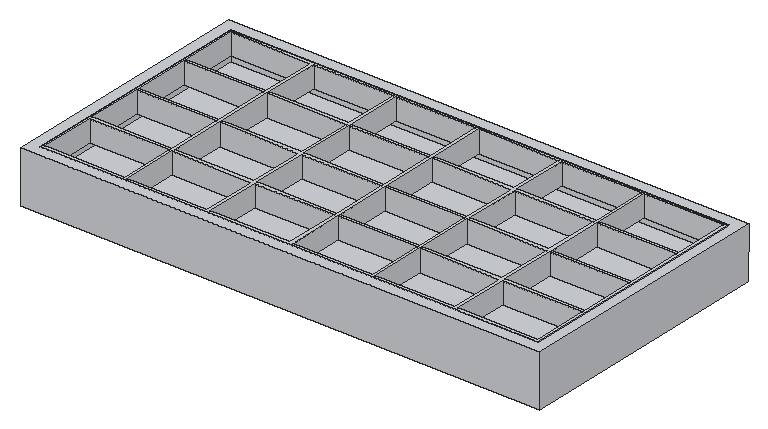
Revit family "46e074061e3e457b95179137369ba08b", category Lighting Fixtures, host Face, Revit 2021
Family settings
  Host = Face
  Round Connector Dimension = Use Diameter
  Part Type = Normal
  OmniClass Number = 23.80.70.11.14.17
  OmniClass Title = Direct/Indirect
  Seek Item ID = Recessed Parabolic Light-0000-USA-ENU
  Cut with Voids When Loaded = No
  Light Source = Yes
  Shared = No
  Room Calculation Point = No
Parameters (values of type "2'x4'(4 Lamp) - 277V")
  visible5 = yes
  visible4 = no
  visible3 = no
  visible2 = no
  visible1 = no
  Wattage = 128 W
  built-in parameter 1150110 = 1 (stored number, unit not read)
  built-in parameter 1150109 = 1 (stored number, unit not read)
  built-in parameter 1150134 = 8
  built-in parameter 1150113 = 1 (stored number, unit not read)
  Tilt Angle = -90.00°
  Lumens = 11399.7 lm
  built-in parameter 1150115 = 1 (stored number, unit not read)
  built-in parameter 1150105 = 907.16 (stored number, unit not read)
  Load Classification = Lighting - Dwelling Unit
  Light Width = 2' - 0"
  built-in parameter 1114217 = 0.88 (stored number, unit not read)
  built-in parameter 1150137 = 1
  built-in parameter 1150139 = (empty or 0)
  Light Length = 4' - 0"
  Light Height = 0' - 4 13/16"
  Light Box Material = none
  Length1 = Light Length / 2  # 2' - 0"
  built-in parameter 1150112 = 1 (stored number, unit not read)
  built-in parameter 1150114 = 1 (stored number, unit not read)
  Lamp = "T8"
  Photometric Web File = "RPL244T8.ies"
  built-in parameter 1150132 = (empty or 0)
  built-in parameter 1150102 = (empty or 0)
  built-in parameter 1150138 = (empty or 0)
  built-in parameter 1150107 = 4230 (stored number, unit not read)
  built-in parameter 1150106 = 9.0716 (stored number, unit not read)
  Grid Material = none
  Emit from Rectangle Width = Light Width - 0' 2"  # 1' - 10"
  Emit from Rectangle Length = Light Length - 0' 2"  # 3' - 10"
  Emit Shape Visible in Rendering = no
  built-in parameter 1150104 = 8.2739 (stored number, unit not read)
  Dimming Lamp Color Temperature Shift = <None>
  Diffuser Material = none
  Default Elevation = 4' - 0"
  Color Filter = 16777215
  built-in parameter 1140040 [instance] = 1
  Ballast Voltage = 277 V
  Ballast Number of Poles = 1
  built-in parameter 1114218 = 0.88 (stored number, unit not read)
  built-in parameter 1150133 = 10 (stored number, unit not read)
  Assembly Code = ""
  Apparent Load = 128 VA
Types (10): name | visible5 | visible4 | visible3 | visible2 | visible1 | Wattage | Lumens | built-in parameter 1150105 | built-in parameter 1114217 | Light Length | Length1 | Lamp | Photometric Web File | built-in parameter 1150106 | Emit from Rectangle Length | built-in parameter 1150104 | Ballast Voltage | built-in parameter 1114218 | Apparent Load
  2'x2'(2 Lamp) - 120V | no | no | no | no | yes | 80 W | 3150.4 lm | 250.7 (stored number, unit not read) | 0.88 (stored number, unit not read) | 2' - 0" | 1' - 0" | "T5" | "RPL222T5.ies" | 2.507 (stored number, unit not read) | 1' - 10" | 3.6585 (stored number, unit not read) | 120 V | 0.88 (stored number, unit not read) | 80 VA
  2'x2'(2 Lamp) - 277V | no | no | no | no | yes | 80 W | 3150.4 lm | 250.7 (stored number, unit not read) | 0.88 (stored number, unit not read) | 2' - 0" | 1' - 0" | "T5" | "RPL222T5.ies" | 2.507 (stored number, unit not read) | 1' - 10" | 3.6585 (stored number, unit not read) | 277 V | 0.88 (stored number, unit not read) | 80 VA
  2'x2'(3 Lamp) - 120V | no | no | no | yes | no | 93 W | 8399.76 lm | 668.43 (stored number, unit not read) | 0.85 (stored number, unit not read) | 2' - 0" | 1' - 0" | "T8" | "RPL223T8.ies" | 6.6843 (stored number, unit not read) | 1' - 10" | 8.391 (stored number, unit not read) | 120 V | 0.85 (stored number, unit not read) | 93 VA
  2'x2'(3 Lamp) - 277V | no | no | no | yes | no | 93 W | 8399.76 lm | 668.43 (stored number, unit not read) | 0.85 (stored number, unit not read) | 2' - 0" | 1' - 0" | "T8" | "RPL223T8.ies" | 6.6843 (stored number, unit not read) | 1' - 10" | 8.391 (stored number, unit not read) | 277 V | 0.85 (stored number, unit not read) | 93 VA
  2'x4'(2 Lamp) - 120V | no | no | yes | no | no | 64 W | 5699.84 lm | 453.58 (stored number, unit not read) | 0.88 (stored number, unit not read) | 4' - 0" | 2' - 0" | "T8" | "RPL242T8.ies" | 4.5358 (stored number, unit not read) | 3' - 10" | 8.2739 (stored number, unit not read) | 120 V | 0.88 (stored number, unit not read) | 64 VA
  2'x4'(2 Lamp) - 277V | no | no | yes | no | no | 64 W | 5699.84 lm | 453.58 (stored number, unit not read) | 0.88 (stored number, unit not read) | 4' - 0" | 2' - 0" | "T8" | "RPL242T8.ies" | 4.5358 (stored number, unit not read) | 3' - 10" | 8.2739 (stored number, unit not read) | 277 V | 0.88 (stored number, unit not read) | 64 VA
  2'x4'(3 Lamp) - 120V | no | yes | no | no | no | 96 W | 8549.76 lm | 680.37 (stored number, unit not read) | 0.88 (stored number, unit not read) | 4' - 0" | 2' - 0" | "T8" | "RPL243T8.ies" | 6.8037 (stored number, unit not read) | 3' - 10" | 8.2739 (stored number, unit not read) | 120 V | 0.88 (stored number, unit not read) | 96 VA
  2'x4'(3 Lamp) - 277V | no | yes | no | no | no | 96 W | 8549.76 lm | 680.37 (stored number, unit not read) | 0.88 (stored number, unit not read) | 4' - 0" | 2' - 0" | "T8" | "RPL243T8.ies" | 6.8037 (stored number, unit not read) | 3' - 10" | 8.2739 (stored number, unit not read) | 277 V | 0.88 (stored number, unit not read) | 96 VA
  2'x4'(4 Lamp) - 120V | yes | no | no | no | no | 128 W | 11399.7 lm | 907.16 (stored number, unit not read) | 0.88 (stored number, unit not read) | 4' - 0" | 2' - 0" | "T8" | "RPL244T8.ies" | 9.0716 (stored number, unit not read) | 3' - 10" | 8.2739 (stored number, unit not read) | 120 V | 0.88 (stored number, unit not read) | 128 VA
  2'x4'(4 Lamp) - 277V | yes | no | no | no | no | 128 W | 11399.7 lm | 907.16 (stored number, unit not read) | 0.88 (stored number, unit not read) | 4' - 0" | 2' - 0" | "T8" | "RPL244T8.ies" | 9.0716 (stored number, unit not read) | 3' - 10" | 8.2739 (stored number, unit not read) | 277 V | 0.88 (stored number, unit not read) | 128 VA
Reference planes (in)
  plane 1 "Center (Front/Back)": y = 0
  plane 2: z = 0
  plane 3 "Center (Left/Right)": x = 0
  plane 4: y = -24
  plane 5: x = 24
  plane 6: x = -24
  plane 7: z = -4.8125
  plane 8: x = -23
  plane 9: x = 23
  plane 10: y = -23
  plane 11: y = -1
  plane 12: z = -3.3125
  plane 13: z = -2.875
  plane 14: z = -2.625
  plane 15: z = -2
  plane 16: y = -12
  plane 17: y = -1.25
  plane 18: y = -22.75
  plane 19: y = -11.875
  plane 20: y = -12.125
  plane 21: x = -7.75
  plane 22: x = 7.5
  plane 23: x = -22.75
  plane 24: x = 22.75
  plane 25: x = -7.5
  plane 26: x = 7.75
  plane 27: y = -8.25
  plane 28: y = -15.5
  plane 29: y = -8.5
  plane 30: y = -15.75
  plane 31: x = -15.375
  plane 32: x = 15.125
  plane 33: x = -0.125
  plane 34: x = 0.125
  plane 35: x = -15.125
  plane 36: x = 15.375
  plane 37: y = -6.4375
  plane 38: y = -17.3125
  plane 39: y = -6.6875
  plane 40: y = -17.5625
Forms (in)
  Extrusion 1, void
    sketch origin (0, 0, 0) x (1, 0, 0) y (0, 1, 0)
      loop
        line (-24, 0) -> (-24, -24) -> (24, -24) -> (24, 0) -> (-24, 0)
    from -4.8125 to 0
  Extrusion 2, solid, material <- "Light Box Material"
    sketch origin (0, 0, 0) x (1, 0, 0) y (0, 1, 0)
      loop
        line (-24, 0) -> (-24, -24) -> (24, -24) -> (24, 0) -> (-24, 0)
      loop
        line (-23, -1) -> (-23, -23) -> (23, -23) -> (23, -1) -> (-23, -1)
    from -4.8125 to 0
  Extrusion 3, solid, material <- "Light Box Material"
    sketch origin (0, 0, 0) x (0, 1, 0) y (0, 0, 1)
      loop
        line (0, -4.8125) -> (0, 0) -> (-1, 0) -> (-1, -3.3125) -> (-23, -3.3125) -> (-23, 0) -> (-24, 0) -> (-24, -4.8125) -> (0, -4.8125)
    from -24 to 24
  Extrusion 4, solid, material <- "Diffuser Material"
    sketch origin (0, 0, 0) x (0, 1, 0) y (0, 0, 1)
      loop
        line (-1, -2.625) -> (-23, -2.625) -> (-23, -2.875) -> (-1, -2.875) -> (-1, -2.625)
    from -23 to 23
  Extrusion 5, solid, material <- "Grid Material", visible <- "visible1"
    sketch origin (0, 0, 0) x (0, 1, 0) y (0, 0, 1)
      loop
        line (-1, 0) -> (-1.25, 0) -> (-1.25, -2) -> (-1, -2) -> (-1, 0)
      loop
        line (-11.875, 0) -> (-12.125, 0) -> (-12.125, -2) -> (-11.875, -2) -> (-11.875, 0)
      loop
        line (-22.75, 0) -> (-23, 0) -> (-23, -2) -> (-22.75, -2) -> (-22.75, 0)
    from -23 to 23
  Extrusion 6, solid, material <- "Grid Material", visible <- "visible1"
    sketch origin (0, 0, 0) x (1, 0, 0) y (0, 0, 1)
      loop
        line (-23, 0) -> (-23, -2) -> (-22.75, -2) -> (-22.75, 0) -> (-23, 0)
      loop
        line (-7.75, 0) -> (-7.75, -2) -> (-7.5, -2) -> (-7.5, 0) -> (-7.75, 0)
      loop
        line (7.5, 0) -> (7.5, -2) -> (7.75, -2) -> (7.75, 0) -> (7.5, 0)
      loop
        line (22.75, 0) -> (22.75, -2) -> (23, -2) -> (23, 0) -> (22.75, 0)
    from 1 to 23
  Extrusion 7, solid, material <- "Grid Material", visible <- "visible2"
    sketch origin (0, 0, 0) x (1, 0, 0) y (0, 0, 1)
      loop
        line (-23, 0) -> (-23, -2) -> (-22.75, -2) -> (-22.75, 0) -> (-23, 0)
      loop
        line (-7.75, 0) -> (-7.75, -2) -> (-7.5, -2) -> (-7.5, 0) -> (-7.75, 0)
      loop
        line (7.5, 0) -> (7.5, -2) -> (7.75, -2) -> (7.75, 0) -> (7.5, 0)
      loop
        line (22.75, 0) -> (22.75, -2) -> (23, -2) -> (23, 0) -> (22.75, 0)
    from 1 to 23
  Extrusion 8, solid, material <- "Grid Material", visible <- "visible2"
    sketch origin (0, 0, 0) x (0, 1, 0) y (0, 0, 1)
      loop
        line (-1, 0) -> (-1.25, 0) -> (-1.25, -2) -> (-1, -2) -> (-1, 0)
      loop
        line (-8.25, 0) -> (-8.5, 0) -> (-8.5, -2) -> (-8.25, -2) -> (-8.25, 0)
      loop
        line (-15.5, 0) -> (-15.75, 0) -> (-15.75, -2) -> (-15.5, -2) -> (-15.5, 0)
      loop
        line (-22.75, 0) -> (-23, 0) -> (-23, -2) -> (-22.75, -2) -> (-22.75, 0)
    from -23 to 23
  Extrusion 9, solid, material <- "Grid Material", visible <- "visible3"
    sketch origin (0, 0, 0) x (1, 0, 0) y (0, 0, 1)
      loop
        line (-23, 0) -> (-23, -2) -> (-22.75, -2) -> (-22.75, 0) -> (-23, 0)
      loop
        line (-15.375, 0) -> (-15.375, -2) -> (-15.125, -2) -> (-15.125, 0) -> (-15.375, 0)
      loop
        line (-7.75, 0) -> (-7.75, -2) -> (-7.5, -2) -> (-7.5, 0) -> (-7.75, 0)
      loop
        line (-0.125, 0) -> (-0.125, -2) -> (0.125, -2) -> (0.125, 0) -> (-0.125, 0)
      loop
        line (7.5, 0) -> (7.5, -2) -> (7.75, -2) -> (7.75, 0) -> (7.5, 0)
      loop
        line (15.125, 0) -> (15.125, -2) -> (15.375, -2) -> (15.375, 0) -> (15.125, 0)
      loop
        line (22.75, 0) -> (22.75, -2) -> (23, -2) -> (23, 0) -> (22.75, 0)
    from 1 to 23
  Extrusion 10, solid, material <- "Grid Material", visible <- "visible3"
    sketch origin (0, 0, 0) x (0, 1, 0) y (0, 0, 1)
      loop
        line (-1, 0) -> (-1.25, 0) -> (-1.25, -2) -> (-1, -2) -> (-1, 0)
      loop
        line (-11.875, 0) -> (-12.125, 0) -> (-12.125, -2) -> (-11.875, -2) -> (-11.875, 0)
      loop
        line (-22.75, 0) -> (-23, 0) -> (-23, -2) -> (-22.75, -2) -> (-22.75, 0)
    from -23 to 23
  Extrusion 11, solid, material <- "Grid Material", visible <- "visible4"
    sketch origin (0, 0, 0) x (1, 0, 0) y (0, 0, 1)
      loop
        line (-23, 0) -> (-23, -2) -> (-22.75, -2) -> (-22.75, 0) -> (-23, 0)
      loop
        line (-15.375, 0) -> (-15.375, -2) -> (-15.125, -2) -> (-15.125, 0) -> (-15.375, 0)
      loop
        line (-7.75, 0) -> (-7.75, -2) -> (-7.5, -2) -> (-7.5, 0) -> (-7.75, 0)
      loop
        line (-0.125, 0) -> (-0.125, -2) -> (0.125, -2) -> (0.125, 0) -> (-0.125, 0)
      loop
        line (7.5, 0) -> (7.5, -2) -> (7.75, -2) -> (7.75, 0) -> (7.5, 0)
      loop
        line (15.125, 0) -> (15.125, -2) -> (15.375, -2) -> (15.375, 0) -> (15.125, 0)
      loop
        line (22.75, 0) -> (22.75, -2) -> (23, -2) -> (23, 0) -> (22.75, 0)
    from 1 to 23
  Extrusion 12, solid, material <- "Grid Material", visible <- "visible4"
    sketch origin (0, 0, 0) x (0, 1, 0) y (0, 0, 1)
      loop
        line (-1, 0) -> (-1.25, 0) -> (-1.25, -2) -> (-1, -2) -> (-1, 0)
      loop
        line (-8.25, 0) -> (-8.5, 0) -> (-8.5, -2) -> (-8.25, -2) -> (-8.25, 0)
      loop
        line (-15.5, 0) -> (-15.75, 0) -> (-15.75, -2) -> (-15.5, -2) -> (-15.5, 0)
      loop
        line (-22.75, 0) -> (-23, 0) -> (-23, -2) -> (-22.75, -2) -> (-22.75, 0)
    from -23 to 23
  Extrusion 13, solid, material <- "Grid Material", visible <- "visible5"
    sketch origin (0, 0, 0) x (1, 0, 0) y (0, 0, 1)
      loop
        line (-23, 0) -> (-23, -2) -> (-22.75, -2) -> (-22.75, 0) -> (-23, 0)
      loop
        line (-15.375, 0) -> (-15.375, -2) -> (-15.125, -2) -> (-15.125, 0) -> (-15.375, 0)
      loop
        line (-7.75, 0) -> (-7.75, -2) -> (-7.5, -2) -> (-7.5, 0) -> (-7.75, 0)
      loop
        line (-0.125, 0) -> (-0.125, -2) -> (0.125, -2) -> (0.125, 0) -> (-0.125, 0)
      loop
        line (7.5, 0) -> (7.5, -2) -> (7.75, -2) -> (7.75, 0) -> (7.5, 0)
      loop
        line (15.125, 0) -> (15.125, -2) -> (15.375, -2) -> (15.375, 0) -> (15.125, 0)
      loop
        line (22.75, 0) -> (22.75, -2) -> (23, -2) -> (23, 0) -> (22.75, 0)
    from 1 to 23
  Extrusion 14, solid, material <- "Grid Material", visible <- "visible5"
    sketch origin (0, 0, 0) x (0, 1, 0) y (0, 0, 1)
      loop
        line (-1, 0) -> (-1.25, 0) -> (-1.25, -2) -> (-1, -2) -> (-1, 0)
      loop
        line (-6.4375, 0) -> (-6.6875, 0) -> (-6.6875, -2) -> (-6.4375, -2) -> (-6.4375, 0)
      loop
        line (-11.875, 0) -> (-12.125, 0) -> (-12.125, -2) -> (-11.875, -2) -> (-11.875, 0)
      loop
        line (-17.3125, 0) -> (-17.5625, 0) -> (-17.5625, -2) -> (-17.3125, -2) -> (-17.3125, 0)
      loop
        line (-22.75, 0) -> (-23, 0) -> (-23, -2) -> (-22.75, -2) -> (-22.75, 0)
    from -23 to 23
Cuts and joins
  joined: Extrusion 2, Extrusion 3
  joined: Extrusion 5, Extrusion 6
  joined: Extrusion 7, Extrusion 8
  joined: Extrusion 9, Extrusion 10
  joined: Extrusion 11, Extrusion 12
  joined: Extrusion 13, Extrusion 14
Lines and regions (in)
  symbolic lines
    curve 1: line (-24, 0, 0) -> (24, 0, 0)
    curve 2: line (-24, -24, 0) -> (-24, 0, 0)
    curve 3: line (24, -24, 0) -> (-24, -24, 0)
    curve 4: line (24, 0, 0) -> (24, -24, 0)
  symbolic lines, detail levels coarse+medium
    curve 5: line (-24, 0, 0) -> (24, -24, 0)
Dimensions and locks (in)
  "Length1": plane 6 to plane 3 "Center (Left/Right)"
  "Light Length": plane 6 to plane 5
  "Light Width": plane 1 "Center (Front/Back)" to plane 4
  "Light Height": plane 2 to plane 7
  locked: plane 6 to plane 8 at 1
  locked: plane 9 to plane 5 at 1
  locked: plane 1 "Center (Front/Back)" to plane 11 at 1
  locked: plane 10 to plane 4 at 1
  locked: plane 12 to plane 7 at 1.5
  locked: plane 14 to plane 13 at 0.25
  locked: plane 2 to plane 15 at 2
  equal spacing: plane 11, plane 16, plane 10
  locked: plane 11 to plane 17 at 0.25
  locked: plane 18 to plane 10 at 0.25
  locked: plane 19 to plane 16 at 0.125
  locked: plane 16 to plane 20 at 0.125
  locked: plane 23 to plane 8 at 0.25
  locked: plane 9 to plane 24 at 0.25
  locked: plane 25 to plane 21 at 0.25
  locked: plane 26 to plane 22 at 0.25
  equal spacing: plane 24, plane 22, plane 21, plane 8
  equal spacing: plane 11, plane 27, plane 28, plane 18
  locked: plane 27 to plane 29 at 0.25
  locked: plane 28 to plane 30 at 0.25
  locked: plane 3 "Center (Left/Right)" to plane 33 at 0.125
  locked: plane 34 to plane 3 "Center (Left/Right)" at 0.125
  equal spacing: plane 21, plane 31, plane 8
  equal spacing: plane 24, plane 32, plane 22
  locked: plane 35 to plane 31 at 0.25
  locked: plane 36 to plane 32 at 0.25
  equal spacing: plane 11, plane 37, plane 19
  equal spacing: plane 19, plane 38, plane 18
  locked: plane 37 to plane 39 at 0.25
  locked: plane 38 to plane 40 at 0.25
  aligned and locked: plane 2 to host face
  aligned and locked: level to host face
  aligned and locked: plane 6 to Extrusion 1 sketch curve
  aligned and locked: plane 1 "Center (Front/Back)" to Extrusion 1 sketch curve
  aligned and locked: plane 4 to Extrusion 1 sketch curve
  aligned and locked: Extrusion 1 sketch curve to plane 5
  aligned and locked: Extrusion 1 to plane 7
  aligned and locked: level to Extrusion 1
  aligned and locked: plane 6 to Extrusion 2 sketch curve
  aligned and locked: plane 1 "Center (Front/Back)" to Extrusion 2 sketch curve
  aligned and locked: plane 4 to Extrusion 2 sketch curve
  aligned and locked: Extrusion 2 sketch curve to plane 5
  aligned and locked: plane 8 to Extrusion 2 sketch curve
  aligned and locked: Extrusion 2 sketch curve to plane 11
  aligned and locked: plane 10 to Extrusion 2 sketch curve
  aligned and locked: Extrusion 2 sketch curve to plane 9
  aligned and locked: Extrusion 2 to plane 7
  aligned and locked: plane 2 to Extrusion 2
  aligned and locked: plane 7 to Extrusion 3 sketch curve
  aligned and locked: Extrusion 3 sketch curve to plane 4
  aligned and locked: plane 12 to Extrusion 3 sketch curve
  aligned and locked: Extrusion 3 sketch curve to plane 10
  aligned and locked: Extrusion 3 sketch curve to plane 2  (x2)
  aligned and locked: Extrusion 3 to plane 6
  aligned and locked: plane 5 to Extrusion 3
  aligned and locked: plane 11 to Extrusion 4 sketch curve
  aligned and locked: plane 14 to Extrusion 4 sketch curve
  aligned and locked: plane 13 to Extrusion 4 sketch curve
  aligned and locked: Extrusion 4 sketch curve to plane 10
  aligned and locked: Extrusion 4 to plane 8
  aligned and locked: plane 9 to Extrusion 4
  aligned and locked: plane 6 to curve 1
  aligned and locked: plane 1 "Center (Front/Back)" to curve 1
  aligned and locked: plane 4 to curve 4
  aligned and locked: curve 4 to plane 5
  aligned and locked: Extrusion 5 sketch curve to plane 11
  aligned and locked: Extrusion 5 sketch curve to plane 17
  aligned and locked: Extrusion 5 sketch curve to plane 19
  aligned and locked: Extrusion 5 sketch curve to plane 20
  aligned and locked: plane 18 to Extrusion 5 sketch curve
  aligned and locked: plane 10 to Extrusion 5 sketch curve
  aligned and locked: Extrusion 5 sketch curve to plane 2  (x3)
  aligned and locked: plane 15 to Extrusion 5 sketch curve  (x3)
  aligned and locked: Extrusion 5 to plane 8
  aligned and locked: plane 9 to Extrusion 5
  aligned and locked: plane 8 to Extrusion 6 sketch curve
  aligned and locked: Extrusion 6 sketch curve to plane 23
  aligned and locked: plane 21 to Extrusion 6 sketch curve
  aligned and locked: Extrusion 6 sketch curve to plane 25
  aligned and locked: plane 22 to Extrusion 6 sketch curve
  aligned and locked: Extrusion 6 sketch curve to plane 26
  aligned and locked: plane 24 to Extrusion 6 sketch curve
  aligned and locked: Extrusion 6 sketch curve to plane 9
  aligned and locked: Extrusion 6 sketch curve to plane 2  (x4)
  aligned and locked: plane 15 to Extrusion 6 sketch curve  (x4)
  aligned and locked: plane 11 to Extrusion 6
  aligned and locked: Extrusion 6 to plane 10
  aligned and locked: plane 8 to Extrusion 7 sketch curve
  aligned and locked: Extrusion 7 sketch curve to plane 23
  aligned and locked: plane 21 to Extrusion 7 sketch curve
  aligned and locked: Extrusion 7 sketch curve to plane 25
  aligned and locked: plane 22 to Extrusion 7 sketch curve
  aligned and locked: Extrusion 7 sketch curve to plane 26
  aligned and locked: plane 24 to Extrusion 7 sketch curve
  aligned and locked: Extrusion 7 sketch curve to plane 9
  aligned and locked: plane 15 to Extrusion 7 sketch curve  (x4)
  aligned and locked: Extrusion 7 sketch curve to plane 2  (x3)
  aligned and locked: plane 11 to Extrusion 7
  aligned and locked: Extrusion 7 to plane 10
  aligned and locked: Extrusion 8 sketch curve to plane 11
  aligned and locked: Extrusion 8 sketch curve to plane 17
  aligned and locked: plane 27 to Extrusion 8 sketch curve
  aligned and locked: Extrusion 8 sketch curve to plane 29
  aligned and locked: plane 28 to Extrusion 8 sketch curve
  aligned and locked: Extrusion 8 sketch curve to plane 30
  aligned and locked: plane 18 to Extrusion 8 sketch curve
  aligned and locked: plane 10 to Extrusion 8 sketch curve
  aligned and locked: Extrusion 8 sketch curve to plane 2  (x4)
  aligned and locked: plane 15 to Extrusion 8 sketch curve  (x4)
  aligned and locked: Extrusion 8 to plane 8
  aligned and locked: plane 9 to Extrusion 8
  aligned and locked: plane 8 to Extrusion 9 sketch curve
  aligned and locked: Extrusion 9 sketch curve to plane 23
  aligned and locked: plane 31 to Extrusion 9 sketch curve
  aligned and locked: Extrusion 9 sketch curve to plane 35
  aligned and locked: plane 21 to Extrusion 9 sketch curve
  aligned and locked: Extrusion 9 sketch curve to plane 25
  aligned and locked: plane 33 to Extrusion 9 sketch curve
  aligned and locked: Extrusion 9 sketch curve to plane 34
  aligned and locked: plane 22 to Extrusion 9 sketch curve
  aligned and locked: Extrusion 9 sketch curve to plane 26
  aligned and locked: plane 32 to Extrusion 9 sketch curve
  aligned and locked: Extrusion 9 sketch curve to plane 36
  aligned and locked: plane 24 to Extrusion 9 sketch curve
  aligned and locked: Extrusion 9 sketch curve to plane 9
  aligned and locked: Extrusion 9 sketch curve to plane 2  (x7)
  aligned and locked: plane 15 to Extrusion 9 sketch curve  (x6)
  aligned and locked: plane 11 to Extrusion 9
  aligned and locked: Extrusion 9 to plane 10
  aligned and locked: Extrusion 10 sketch curve to plane 11
  aligned and locked: Extrusion 10 sketch curve to plane 17
  aligned and locked: Extrusion 10 sketch curve to plane 19
  aligned and locked: Extrusion 10 sketch curve to plane 20
  aligned and locked: plane 18 to Extrusion 10 sketch curve
  aligned and locked: plane 10 to Extrusion 10 sketch curve
  aligned and locked: Extrusion 10 sketch curve to plane 2  (x3)
  aligned and locked: plane 15 to Extrusion 10 sketch curve  (x3)
  aligned and locked: Extrusion 10 to plane 8
  aligned and locked: plane 9 to Extrusion 10
  aligned and locked: plane 8 to Extrusion 11 sketch curve
  aligned and locked: Extrusion 11 sketch curve to plane 23
  aligned and locked: plane 31 to Extrusion 11 sketch curve
  aligned and locked: Extrusion 11 sketch curve to plane 35
  aligned and locked: plane 21 to Extrusion 11 sketch curve
  aligned and locked: Extrusion 11 sketch curve to plane 25
  aligned and locked: plane 33 to Extrusion 11 sketch curve
  aligned and locked: Extrusion 11 sketch curve to plane 34
  aligned and locked: plane 22 to Extrusion 11 sketch curve
  aligned and locked: Extrusion 11 sketch curve to plane 26
  aligned and locked: plane 32 to Extrusion 11 sketch curve
  aligned and locked: Extrusion 11 sketch curve to plane 36
  aligned and locked: plane 24 to Extrusion 11 sketch curve
  aligned and locked: Extrusion 11 sketch curve to plane 9
  aligned and locked: Extrusion 11 sketch curve to plane 2  (x7)
  aligned and locked: plane 15 to Extrusion 11 sketch curve  (x7)
  aligned and locked: plane 11 to Extrusion 11
  aligned and locked: Extrusion 11 to plane 10
  aligned and locked: Extrusion 12 sketch curve to plane 11
  aligned and locked: Extrusion 12 sketch curve to plane 17
  aligned and locked: plane 27 to Extrusion 12 sketch curve
  aligned and locked: Extrusion 12 sketch curve to plane 29
  aligned and locked: plane 28 to Extrusion 12 sketch curve
  aligned and locked: Extrusion 12 sketch curve to plane 30
  aligned and locked: plane 18 to Extrusion 12 sketch curve
  aligned and locked: plane 10 to Extrusion 12 sketch curve
  aligned and locked: Extrusion 12 sketch curve to plane 2  (x4)
  aligned and locked: plane 15 to Extrusion 12 sketch curve  (x4)
  aligned and locked: Extrusion 12 to plane 8
  aligned and locked: plane 9 to Extrusion 12
  aligned and locked: plane 8 to Extrusion 13 sketch curve
  aligned and locked: Extrusion 13 sketch curve to plane 23
  aligned and locked: plane 31 to Extrusion 13 sketch curve
  aligned and locked: Extrusion 13 sketch curve to plane 35
  aligned and locked: plane 21 to Extrusion 13 sketch curve
  aligned and locked: Extrusion 13 sketch curve to plane 25
  aligned and locked: plane 33 to Extrusion 13 sketch curve
  aligned and locked: Extrusion 13 sketch curve to plane 34
  aligned and locked: plane 22 to Extrusion 13 sketch curve
  aligned and locked: Extrusion 13 sketch curve to plane 26
  aligned and locked: plane 32 to Extrusion 13 sketch curve
  aligned and locked: Extrusion 13 sketch curve to plane 36
  aligned and locked: plane 24 to Extrusion 13 sketch curve
  aligned and locked: Extrusion 13 sketch curve to plane 9
  aligned and locked: Extrusion 13 sketch curve to plane 2  (x7)
  aligned and locked: plane 15 to Extrusion 13 sketch curve  (x7)
  aligned and locked: plane 11 to Extrusion 13
  aligned and locked: Extrusion 13 to plane 10
  aligned and locked: Extrusion 14 sketch curve to plane 11
  aligned and locked: Extrusion 14 sketch curve to plane 17
  aligned and locked: plane 37 to Extrusion 14 sketch curve
  aligned and locked: Extrusion 14 sketch curve to plane 39
  aligned and locked: Extrusion 14 sketch curve to plane 19
  aligned and locked: Extrusion 14 sketch curve to plane 20
  aligned and locked: plane 38 to Extrusion 14 sketch curve
  aligned and locked: Extrusion 14 sketch curve to plane 40
  aligned and locked: plane 18 to Extrusion 14 sketch curve
  aligned and locked: plane 10 to Extrusion 14 sketch curve
  aligned and locked: Extrusion 14 sketch curve to plane 2  (x5)
  aligned and locked: plane 15 to Extrusion 14 sketch curve  (x5)
  aligned and locked: Extrusion 14 to plane 8
  aligned and locked: plane 9 to Extrusion 14
  aligned and locked: plane 3 "Center (Left/Right)" to imposter light
  aligned and locked: plane 2 to imposter light
  aligned and locked: imposter light to plane 16
Automatic sketch dimensions
  host sketch curve to host sketch curve = 8' - 0"  (x2)
  Extrusion 3 sketch curve to plane 11 = 0' - 0"
  Extrusion 3 sketch curve to plane 1 "Center (Front/Back)" = 0' - 0"
  Extrusion 7 sketch curve to level = 0' - 0"
  Extrusion 9 sketch curve to plane 15 = 0' - 0"
  Extrusion 9 sketch curve to plane 32 = 0' - 0"
Connectors (in)
  electrical at (0, -12, -4.8125), driven by "Apparent Load", driven by "Ballast Voltage", driven by "Ballast Number of Poles", driven by "Load Classification"
    settings: on cut or joined group of Extrusion 2, Extrusion 3, index 1, voltage 277 V, apparent load 0 VA, apparent load phase1 128 VA, apparent load phase2 0 VA, apparent load phase3 0 VA, power factor 0.95, load classification "Lighting - Dwelling Unit", number of poles 1, system type 31, power factor state 1, is connector primary yes, connector utility no, sub classification motor no, connector description ""
